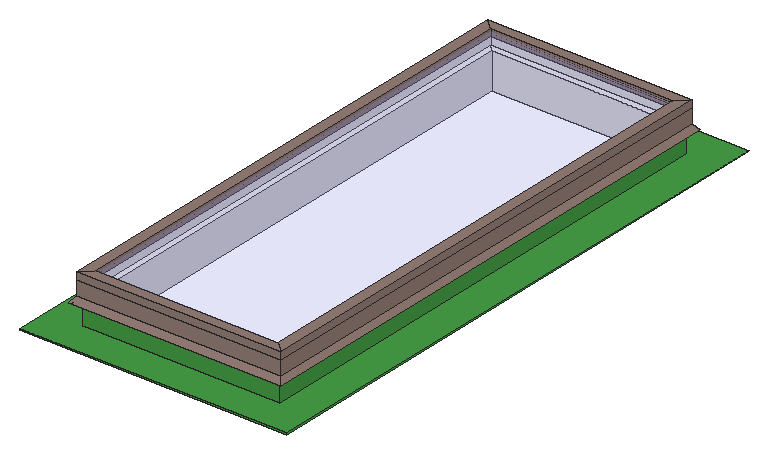
Revit family
Parameters (values of type "710 x 1830")
  Operation = "UserDefined"
  Keynote = "45-24-004"
  Assembly Code = "B3020110"
  Frame = none
  Height = 1830 mm
  Sash = none
  Type Comments = ""
  Width = 710 mm
Types (6, lengths in mm): name | Keynote | Height | Width
  (no name) | "45-24-004" | 1830 | 710
  710 x 965 | "45-24-005" | 965 | 710
  610 x 685 | "45-24-003" | 685 | 610
  410 x 1170 | "45-24-002" | 1170 | 410
  1120 x 1170 | "45-24-006" | 1170 | 1120
  710 x 1830 | "45-24-004" | 1830 | 710
Reference planes
  plane 1 "Roof": z = 3657.6
  plane 2 "Right": x = 279.84
  plane 3 "Left": x = -430.16
  plane 4: y = 395.504
  plane 5: y = -1434.496
  plane 6 "Face": z = 3810
  plane 7 "Center L/R": x = -75.16
  plane 8 "Center F/B": y = -519.496
Forms (mm)
  Sweep 1, solid
    path origin (0, 0, 3810) x (-1, 0, 0) y (0, -1, 0)
      loop
        line (430.16, 1434.496) -> (-279.84, 1434.496) -> (-279.84, -395.504) -> (430.16, -395.504) -> (430.16, 1434.496)
    profile origin (-75.16, 0, 3810) x (0, 1, 0) y (0, 0, 1)
      loop
        line (-1384.096, 0) -> (-1384.096, 127) -> (-1409.096, 127) -> (-1409.096, 152.4) -> (-1429.096, 152.4) -> (-1429.096, 0) -> (-1384.096, 0)
  Sweep 2, solid
    path origin (0, 0, 3810) x (-1, 0, 0) y (0, -1, 0)
      loop
        line (430.16, -395.504) -> (430.16, 1434.496) -> (-279.84, 1434.496) -> (-279.84, -395.504) -> (430.16, -395.504)
    profile origin (-75.16, 0, 3810) x (0, 1, 0) y (0, 0, 1)
      loop
        line (370.104, 152.4) -> (395.504, 152.4) -> (401.854, 152.4) -> (401.854, 99.598) -> (417.571, 77.151) -> (422.773, 80.794) -> (408.204, 101.6) -> (408.204, 152.4) -> (408.204, 177.8) -> (370.104, 177.8) -> (370.104, 152.4)
  Extrusion 3, solid
    sketch origin (-404.76, -1409.096, 3987.8) x (0, 1, 0) y (-1, 0, 0)
      loop
        line (0, 0) -> (0, -659.2) -> (1779.2, -659.2) -> (1779.2, 0) -> (0, 0)
    from -6 to -12
  Sweep 4, solid
    path in 3D
      loop
        line (-424.76, -1429.096, 3962.4) -> (274.44, -1429.096, 3962.4) -> (274.44, 390.104, 3962.4) -> (-424.76, 390.104, 3962.4) -> (-424.76, -1429.096, 3962.4)
    profile origin (0, -519.496, 0) x (1, 0, 0) y (0, 0, 1)
      loop
        line (-425.16, 3810) -> (-425.16, 3911.6) -> (-430.16, 3911.6) -> (-430.16, 3815) -> (-555.16, 3815) -> (-555.16, 3810) -> (-425.16, 3810)
Lines and regions (mm)
  Opening 1
    outline origin (0, 0, 3810) x (0, 1, 0) y (-1, 0, 0)
      loop
        line (351.054, 385.71) -> (-1390.046, 385.71) -> (-1390.046, -235.39) -> (351.054, -235.39) -> (351.054, 385.71)
  sketch lines
    curve 1: line (-1599.76, 1436.904, 0) -> (1448.24, 1436.904, 0)
    curve 2: line (-1599.76, 1436.904, 0) -> (-1599.76, -1611.096, 0)
    curve 3: line (-1599.76, -1611.096, 0) -> (1448.24, -1611.096, 0)
    curve 4: line (1448.24, 1436.904, 0) -> (1448.24, -1611.096, 0)
    curve 13: line (-424.76, 390.104, 3962.4) -> (-424.76, -1429.096, 3962.4)
    curve 14: line (-424.76, -1429.096, 3962.4) -> (274.44, -1429.096, 3962.4)
    curve 15: line (274.44, -1429.096, 3962.4) -> (274.44, 390.104, 3962.4)
    curve 16: line (274.44, 390.104, 3962.4) -> (-424.76, 390.104, 3962.4)
  symbolic lines, style "WindowsFrameMullionProjection"
    curve 5: line (-430.16, 395.504, 3810) -> (279.84, 395.504, 3810)
    curve 6: line (-430.16, -1434.496, 3810) -> (-430.16, 395.504, 3810)
    curve 7: line (279.84, -1434.496, 3810) -> (-430.16, -1434.496, 3810)
    curve 8: line (279.84, 395.504, 3810) -> (279.84, -1434.496, 3810)
    curve 9: line (-404.76, 370.104, 3810) -> (254.44, 370.104, 3810)
    curve 10: line (-404.76, -1409.096, 3810) -> (-404.76, 370.104, 3810)
    curve 11: line (254.44, -1409.096, 3810) -> (-404.76, -1409.096, 3810)
    curve 12: line (254.44, 370.104, 3810) -> (254.44, -1409.096, 3810)
Dimensions and locks
  curve 2 to curve 4 = 3048 mm
  curve 3 to curve 1 = 3048 mm
  "Width": plane 3 "Left" to plane 2 "Right"
  "Height": plane 5 to plane 4
  equal spacing: plane 3 "Left", plane 7 "Center L/R", plane 2 "Right"
  equal spacing: plane 5, plane 8 "Center F/B", plane 4
  aligned and locked: level to plane 1 "Roof"
  aligned and locked: plane 6 "Face" to host roof
  aligned and locked: Sweep 4 sketch curve to plane 3 "Left"
Automatic sketch dimensions
  Opening 1 sketch curve to plane 3 "Left" = 44.45 mm
  plane 5 to Opening 1 sketch curve = 44.45 mm
  plane 4 to Opening 1 sketch curve = 44.45 mm
  plane 2 "Right" to Opening 1 sketch curve = 44.45 mm
  Sweep 1 sketch curve to plane 2 "Right" = 0 mm
  Sweep 1 sketch curve to plane 3 "Left" = 0 mm
  Sweep 1 sketch curve to plane 4 = 0 mm
  Sweep 1 sketch curve to plane 5 = 0 mm
  Sweep 2 sketch curve to plane 2 "Right" = 0 mm
  Sweep 2 sketch curve to plane 3 "Left" = 0 mm
  Sweep 2 sketch curve to plane 4 = 0 mm
  Sweep 2 sketch curve to plane 5 = 0 mm
  Sweep 2 sketch curve to profile plane = 0 mm
  profile plane to Sweep 2 sketch curve = 25.4 mm
  Sweep 2 sketch curve to profile plane = 6.35 mm
  Sweep 2 sketch curve to profile plane = 12.7 mm
  Sweep 2 sketch curve to profile plane = 22.067 mm
  Sweep 2 sketch curve to Sweep 2 sketch curve = 5.202 mm
  Sweep 2 sketch curve to plane 6 "Face" = 77.151 mm
  Sweep 2 sketch curve to Sweep 2 sketch curve = 3.642 mm
  Sweep 2 sketch curve to Sweep 2 sketch curve = 50.8 mm
  Sweep 2 sketch curve to Sweep 2 sketch curve = 0 mm
  Sweep 2 sketch curve to Sweep 2 sketch curve = 25.4 mm
  plane 2 "Right" to Extrusion 3 sketch curve = 25.4 mm
  plane 5 to Extrusion 3 sketch curve = 25.4 mm
  Extrusion 3 sketch curve to plane 3 "Left" = 25.4 mm
  plane 4 to Extrusion 3 sketch curve = 25.4 mm
  curve 5 to plane 3 "Left" = 0 mm
  curve 8 to plane 2 "Right" = 0 mm
  curve 7 to plane 5 = 0 mm
  curve 6 to plane 4 = 0 mm
  curve 9 to plane 3 "Left" = 25.4 mm
  plane 2 "Right" to curve 9 = 25.4 mm
  plane 5 to curve 11 = 25.4 mm
  plane 4 to curve 9 = 25.4 mm
  Sweep 1 sketch curve to plane 6 "Face" = 0 mm
  Sweep 1 sketch curve to profile plane = 5.4 mm
  Sweep 1 sketch curve to Sweep 1 sketch curve = 20 mm
  Sweep 1 sketch curve to Sweep 1 sketch curve = 45 mm
  Sweep 1 sketch curve to plane 6 "Face" = 127 mm
  Sweep 1 sketch curve to Sweep 1 sketch curve = 25.4 mm
  Sweep 4 sketch curve to Sweep 4 sketch curve = 125 mm
  profile plane to Sweep 4 sketch curve = 0.4 mm
  Sweep 4 sketch curve to profile plane = 152.4 mm
  Sweep 4 sketch curve to Sweep 4 sketch curve = 5 mm
  Sweep 4 sketch curve to profile plane = 50.8 mm
